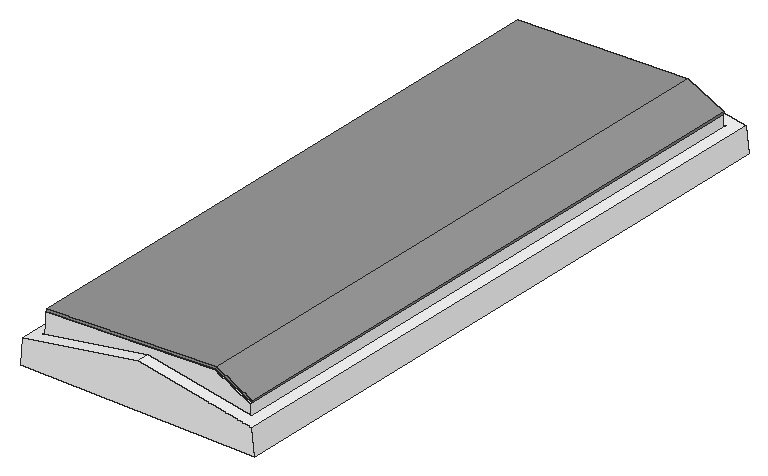
Revit family "JC KONTAKTER JCK110 FI", category Specialty Equipment, host Face, Revit 2025
Family settings
  Host = Face
  Round Connector Dimension = Use Diameter
  Part Type = Normal
  Enable Cutting in Views = Yes
  Cut with Voids When Loaded = No
  Maintain Annotation Orientation = Yes
  Shared = No
  Room Calculation Point = No
Parameters (values of type "JCK110")
  Valmistusmaa = "Ruotsi"
  URL = "https://www.jckontakter.fi/produkt/kyynarkytkin/kyynarkytkin-muovi/kyynarkytkin-jck110/"
  Tuotteen paino = "0.321 kg"
  Tekniken tuotekortti = "https://www.jckontakter.fi/wp-content/uploads/sites/4/Tekninen-tuotekortti_JCK110_FI-1.pdf"
  Pienin nimellisvirta = "12V Resistiivinen 6A Induktiivinen L/R 5ms 6A, 24V Resistiivinen 6A Induktiivinen L/R 5ms 5A"
  Painiketta = Ruostumattomasta teräksestä
  Nimellisestä nimellisvirrasta = "1mA/4 V DC"
  Model = "JCK110"
  Mikrokytkin = "Standar NO IP67"
  Mikrokytkimien määrä = 1
  Manufacturer = "JC Kontakter"
  Kansi = ABS 750SW (Valkoinen)
  Description = "Tämä kyynärkytkin on valmistettu iskunkestävästä ABS-muovista ja siinä on litteä painopinta. Tässä mallissa on valkoinen painopinta ruostumattomasta teräksestä valmistetulla etulevyllä ja valkoinen kehys. Se on ensisijaisesti suunniteltu sisäkäyttöön, mutta sitä voidaan käyttää myös ulkona, sillä siinä on kosteussuojattu mikrokytkin, jonka IP-luokitus on 67."
  Default Elevation = 800 mm
  Kotelo = ABS 750SW (Valkoinen)
  CE asiakirja = "https://jckontakter.se/wp-content/uploads/CE_Dokument.pdf"
Reference planes
  plane 1 "Center (Front/Back)": y = 0
  plane 2: z = 0
  plane 3 "Center (Left/Right)": x = 0
  plane 4 "A": y = -122.5
Lines and regions (mm)
  symbolic lines
    curve 1: line (-50, 0, 50) -> (50, 0, 50)
    curve 2: line (-50, 0, 0) -> (-50, 0, 50)
    curve 3: line (50, 0, 0) -> (-50, 0, 0)
    curve 4: line (50, 0, 50) -> (50, 0, 0)
    curve 5: line (-40, 117.5, 0) -> (40, 117.5, 0)
    curve 6: line (-40, -122.5, 0) -> (-40, 117.5, 0)
    curve 7: line (40, -122.5, 0) -> (-40, -122.5, 0)
    curve 8: line (40, 117.5, 0) -> (40, -122.5, 0)
Text (mm)
  text "Poista tämä tunniste ennen käyttöä.\n\nSijoitusohjeet:\n\n1. Lataa projektiin.\n2. Vie kursori sen pinnan päälle, johon perhe tullaan sijoittamaan.\n3. Jos perhe näkyy kiertyneenä, valitse asetus \"kierrä sijoittamisen jälkeen\".\n4. Napsauta haluttua pintaa.\n5. Kirjoita haluttu kulma.\n6. Paina Enter." at (123.173, 1072.34, 0), in view "Ref. Level"
Dimensions and locks
  aligned and locked: plane 2 to host face
  aligned and locked: level to host face
Nested families
  nested 1: "AK_110" at (0, -122.5, 0) x (1, 0, 0) z (0, 1, 0), type "AK_110"
Definition of nested family "AK_110"
  Parameters (values of type "AK_110")
    URL = "https://jckontakter.se/produkt/armbagskontakter-plast/armbagskontakt-jck110/"
    Model = "JCK110"  # constant formula
    Manufacturer = "JC Kontakter"  # constant formula
    Plate Finish = none
    Lid Finish = none
    Default Elevation = 1219.2 mm
    Core Finish = none
    Description = "JCK110 är en robust och stilren armbågskontakt med lock i rostfri metall och vit underdel.\r\nJCK110 levereras med 1st mikrobrytare i IP67, men går även att beställa med fler."  # constant formula
  Reference planes
    plane 1 "Center (Front/Back)": y = 0
    plane 2: z = 0
    plane 3 "Center (Left/Right)": x = 0
    plane 4 "1": x = 47.5
    plane 5 "A": z = 5
    plane 6 "B": z = 245
  Forms (mm)
    Extrusion 1, solid, material <- "Core Finish"
      sketch origin (0, 0, 0) x (1, 0, 0) y (0, 1, 0)
        loop
          line (-47.5, 0) -> (-46.5, -10) -> (0, -18) -> (46.5, -10) -> (47.5, 0) -> (-47.5, 0)
      from 0 to 250
    Extrusion 2, void
      sketch origin (0, 0, 0) x (1, 0, 0) y (0, 1, 0)
        loop
          line (-42.5, -4) -> (-42.5, -18.223) -> (42.5, -18.223) -> (42.5, -4) -> (-42.5, -4)
      from 5 to 245
    Extrusion 3, solid, material <- "Lid Finish"
      sketch origin (0, 0, 5) x (-1, 0, 0) y (0, -1, 0)
        loop
          line (-42, 6) -> (42, 6) -> (41.473, 18.808) -> (-26.802, 21.808) -> (-41.637, 14.808) -> (-42, 6)
      from 0.5 to 239.5
    Extrusion 4, solid, material <- "Plate Finish"
      sketch origin (0, 0, 5) x (-1, 0, 0) y (0, -1, 0)
        loop
          line (41.473, 18.808) -> (41.517, 19.807) -> (-27.455, 22.838) -> (-42.064, 15.713) -> (-41.637, 14.808) -> (-26.802, 21.808) -> (41.473, 18.808)
      from 1 to 239.5
  Cuts and joins
    Extrusion 2 cuts Extrusion 1
  Dimensions and locks
    aligned and locked: level to plane 2
